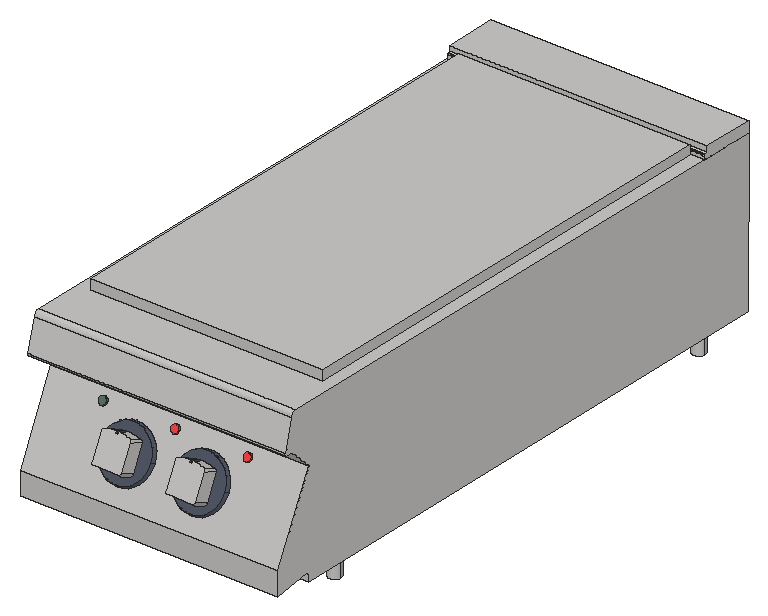
Revit family "QF_ZANUSSI_392046_Z9HOED2000", category Specialty Equipment, Revit 2018
Family settings
  Round Connector Dimension = Use Diameter
  Part Type = Normal
  Work Plane-Based = No
  Always vertical = Yes
  Cut with Voids When Loaded = No
  Shared = No
  Room Calculation Point = No
Parameters
  Width = 400 mm  # constant formula
  Weight in Pounds = 60  # constant formula
  Weight = 0.00 kg
  Watts = 7000 W  # constant formula
  Volts = 400 V  # constant formula
  URL Manufacturer = "http://www.zanussiprofessional.com"
  URL Cutsheet = "www.electrolux.com/foodservice"
  URL = "http://www.zanussiprofessional.com"
  Type Mark [instance] = ""
  Steam Supply Size = 0"
  Steam Supply Minimum Pressure = 0.00 psi
  Steam Supply Maximum Pressure = 0.00 psi
  Steam Pounds per Hour = 0
  Status [instance] = ""
  Specification by User [instance] = ""
  Specification by Manufacturer = ""
  Show Logo [instance] = yes
  Show Clearance [instance] = yes
  Serial Number = ""
  Seismic Rating = ""
  SMACNA No = ""
  Revision Code [instance] = ""
  Refrigeration Suction Line Size = 0"
  Refrigeration Liquid Line Size = 0"
  Refrigerant Compressor Remote = yes
  Phase = 3  # constant formula
  Omniclass Number and Title = ""
  Number of Poles [instance] = 1
  NAFEM Spec ID Number = ""
  Model = "Z9HOED2000"
  Min Ckt Ampacity = 0 A
  Max Overcurrent Protection = 0 A
  Masterspec = ""
  Manufacturer = "Zanussi"
  Length Actual = 400 mm  # constant formula
  Item Number [instance] = "392046"
  Installed By [instance] = ""
  Identify Quantity as Lot [instance] = yes
  Hot Water Size = 0"
  Height Actual = 250 mm  # constant formula
  Height = 290 mm  # constant formula
  HP = "9.4 HP"
  Gas Size = 0"
  Gas KW = 0
  Gas Input = 0.0 Btu/h
  Furnished By [instance] = ""
  Foodservice Equipment Identifier [instance] = yes
  FL Amps = if(Phase = 3, Watts / (Volts * 1.73), Watts / Volts)  # 10.1156 A
  Electrical Remarks [instance] = "400 V/3N ph/50/60 Hz"  # constant formula
  Electric Connection Type [instance] = ""
  Elec Conn RI Height [instance] = 0 mm
  Elec Conn Connection Height [instance] = 0 mm
  Direct Waste Size = 0"
  Description = "ELECTRIC HOB COOKING TOP 400MM"
  Depth Actual = 900 mm  # constant formula
  Depth = 915 mm  # constant formula
  Cycle = if([60 Hertz Option], 60 Hz, 50 Hz)  # 60 Hz
  Conn Plug = ""
  Conn Conduit = yes
  Condensate Return Size = 0"
  Compressed Air Volume = 0 GPM
  Compressed Air Size = 0"
  Compressed Air Pressure = 0.00 psi
  Cold Water Size = 0"
  CSI MasterFormat = ""
  CSI Master Format = ""
  Base Height [instance] = 24 mm  # constant formula
  Apparent Power = if(Phase = 3, Volts * FL Amps * 1.73, Volts * FL Amps)  # 7000 VA
  Accessory = yes
  60 Hertz Option = not([50 Hertz Option])  # yes
  50 Hertz Option = no
Reference planes
  plane 1 "BACK": y = 0
  plane 2: z = 0
  plane 3 "LEFT": x = 0
  plane 4 "RIGHT": x = 400
  plane 5 "FRONT": y = -915
  plane 6 "TOP": z = 290
  plane 7 "Center Y": x = 200
  plane 8 "Center X": y = -457.5
  plane 9 "BASE": z = 24
  plane 10 "TOP A": z = 274
  plane 11: y = -790
  plane 12: y = -82
  plane 13: z = 55
  plane 14: y = 39
  plane 15: y = -900
Forms (mm)
  Extrusion 1, solid, material "QF_Finishes_Stainless Steel"
    sketch origin (0, 0, 0) x (0, 1, 0) y (0, 0, 1)
      loop
        line (0, 24) -> (0, 274) -> (-879.358, 274)
        arc (-879.358, 274) -> (-884.643, 271.811) -> (-886.833, 266.526) r 7.474
        line (-886.833, 266.526) -> (-899.884, 221.011)
        arc (-899.884, 221.011) -> (-899.396, 218.379) -> (-897, 217.184) r 3
        line (-897, 217.184) -> (-886.802, 217.184) -> (-854.982, 185.364) -> (-915, 64.508) -> (-915, 29.508) -> (-858.645, 37.428)
        arc (-858.645, 37.428) -> (-856.101, 36.674) -> (-855, 34.259) r 3.2
        line (-855, 34.259) -> (-855, 24) -> (0, 24)
    from 0 to 400
  Extrusion 2, solid, material "QF_Finishes_Stainless Steel"
    sketch origin (0, 0, 0) x (1, 0, 0) y (0, 1, 0)
      loop
        circle (11.112, -82) r 9.525
      loop
        circle (388.887, -82) r 9.525
      loop
        circle (11.112, -790) r 9.525
      loop
        circle (388.887, -790) r 9.525
    from 0 to 24
  Extrusion 3, solid, material "QF_Clearances", visible <- "Show Clearance", detail levels coarse
    sketch origin (0, 0, 0) x (1, 0, 0) y (0, 1, 0)
      loop
        line (0, -915) -> (0, 0) -> (400, 0) -> (400, -915) -> (550.019, -915) -> (550.019, 150.019) -> (-150.019, 150.019) -> (-150.019, -915) -> (0, -915)
    from 0 to 290
  Extrusion 4, solid, material "QF_Finishes_Stainless Steel"
    sketch origin (800, 0, 0) x (0, 1, 0) y (0, 0, 1)
      loop
        line (0, 290) -> (-80, 290) -> (-80, 282.447)
        arc (-80, 282.447) -> (-80.635, 280.914) -> (-82.167, 280.279) r 2.167
        line (-82.167, 280.279) -> (-83.733, 280.279)
        arc (-83.733, 280.279) -> (-84.629, 279.908) -> (-85, 279.012) r 1.267
        line (-85, 279.012) -> (-85, 274) -> (0, 274) -> (0, 290)
    from -800 to -400
  Revolve 5, solid, material "QF_Finishes_Stainless Steel"
    sketch origin (340, 0, 0) x (0, 1, 0) y (0, 0, 1)
      loop
        line (0, 55) -> (39, 55) -> (39, 71.995) -> (5, 71.995) -> (5, 65) -> (0, 65) -> (0, 55)
      axis (39, 55) -> (0, 55)
    angle from 0 to 360
  Extrusion 6, solid, material "QF_Finishes_Stainless Steel"
    sketch origin (0, 0, 274) x (0, -1, 0) y (1, 0, 0)
      loop
        line (88, 20) -> (803, 20) -> (803, 380) -> (88, 380) -> (88, 20)
    from 0 to 15
  Blend 7, solid, material "QF_Finishes_Navy Blue"
    base sketch origin (142.5, -884.991, 124.936) x (1, 0, 0) y (0, 0.444781, 0.895639)
      loop
        circle (0, 0) r 42.5
    top sketch origin (142.5, -884.991, 124.936) x (1, 0, 0) y (0, 0.444781, 0.895639)
      loop
        circle (0, 0) r 40.5
    from 0 to 5
  Extrusion 8, solid, material "QF_Finishes_Stainless Steel"
    sketch origin (142.5, -884.991, 124.936) x (1, 0, 0) y (0, 0.444781, 0.895639)
      loop
        arc (-21.147, 22.789) -> (-22.494, 21.685) -> (-23, 20.019) r 2.997
        line (-23, 20.019) -> (-23, -20.019)
        arc (-23, -20.019) -> (-22.122, -22.138) -> (-20.003, -23.016) r 2.997
        line (-20.003, -23.016) -> (20.003, -23.016)
        arc (20.003, -23.016) -> (22.122, -22.138) -> (23, -20.019) r 2.997
        line (23, -20.019) -> (23, 20.019)
        arc (23, 20.019) -> (22.494, 21.685) -> (21.147, 22.789) r 2.997
        arc (21.147, 22.789) -> (0, 26.984) -> (-21.147, 22.789) r 55.4
    from 10 to 34
  Extrusion 9, solid, material "QF_Plastic-Black-Matte"
    sketch origin (200, -884.991, 124.936) x (0, 0.444781, 0.895639) y (0, -0.895639, 0.444781)
      loop
        line (26.984, 34) -> (26.984, 19) -> (27.984, 19) -> (27.984, 34)
        arc (27.984, 34) -> (27.691, 34.707) -> (26.984, 35) r 1
        line (26.984, 35) -> (23.984, 35) -> (23.984, 34) -> (26.984, 34)
    from -58.5 to -56.5
  Extrusion 10, solid, material "QF_Finishes_DarkGreen"
    sketch origin (142.5, -862.752, 169.718) x (1, 0, 0) y (0, 0.444781, 0.895639)
      loop
        circle (-55.001, 0) r 6
    from 0 to 1.6
  Extrusion 11, solid, material "QF_Finishes_Stainless Steel"
    sketch origin (142.5, -884.991, 124.936) x (1, 0, 0) y (0, 0.444781, 0.895639)
      loop
        line (17.5, 17.5) -> (-17.5, 17.5) -> (-17.5, -17.5) -> (17.5, -17.5) -> (17.5, 17.5)
    from 5 to 10
  Blend 12, solid, material "QF_Finishes_Navy Blue"
    base sketch origin (257.5, -884.991, 124.936) x (1, 0, 0) y (0, 0.444781, 0.895639)
      loop
        circle (0, 0) r 42.5
    top sketch origin (257.5, -884.991, 124.936) x (1, 0, 0) y (0, 0.444781, 0.895639)
      loop
        circle (0, 0) r 40.5
    from 0 to 5
  Extrusion 13, solid, material "QF_Finishes_Stainless Steel"
    sketch origin (257.5, -884.991, 124.936) x (1, 0, 0) y (0, 0.444781, 0.895639)
      loop
        arc (-21.147, 22.789) -> (-22.494, 21.685) -> (-23, 20.019) r 2.997
        line (-23, 20.019) -> (-23, -20.019)
        arc (-23, -20.019) -> (-22.122, -22.138) -> (-20.003, -23.016) r 2.997
        line (-20.003, -23.016) -> (20.003, -23.016)
        arc (20.003, -23.016) -> (22.122, -22.138) -> (23, -20.019) r 2.997
        line (23, -20.019) -> (23, 20.019)
        arc (23, 20.019) -> (22.494, 21.685) -> (21.147, 22.789) r 2.997
        arc (21.147, 22.789) -> (0, 26.984) -> (-21.147, 22.789) r 55.4
    from 10 to 34
  Extrusion 14, solid, material "QF_Finishes_Stainless Steel"
    sketch origin (257.5, -884.991, 124.936) x (1, 0, 0) y (0, 0.444781, 0.895639)
      loop
        line (17.5, 17.5) -> (-17.5, 17.5) -> (-17.5, -17.5) -> (17.5, -17.5) -> (17.5, 17.5)
    from 5 to 10
  Extrusion 15, solid, material "QF_Plastic-Black-Matte"
    sketch origin (200, -884.991, 124.936) x (0, 0.444781, 0.895639) y (0, 0.895639, -0.444781)
      loop
        line (26.984, -34) -> (23.984, -34) -> (23.984, -35) -> (26.984, -35)
        arc (26.984, -35) -> (27.691, -34.707) -> (27.984, -34) r 1
        line (27.984, -34) -> (27.984, -19) -> (26.984, -19) -> (26.984, -34)
    from -58.5 to -56.5
  Extrusion 16, solid, material "QF_Finishes_Red"
    sketch origin (255.001, -862.752, 169.718) x (1, 0, 0) y (0, 0.444781, 0.895639)
      loop
        circle (-55.001, 0) r 6
    from 0 to 1.6
  Extrusion 17, solid, material "QF_Finishes_Red"
    sketch origin (257.5, -862.752, 169.718) x (-1, 0, 0) y (0, -0.444781, -0.895639)
      loop
        circle (-55.001, 0) r 6
    from 0 to 1.6
Lines and regions (mm)
  Split face 1
    outline origin (142.401, -889.469, 127.16) x (1, 0, 0) y (0, 0.444781, 0.895639)
      loop
        line (-8.901, 38.561) -> (-8.901, 28.561) -> (-2.901, 28.561) -> (-2.901, 38.561) -> (-8.901, 38.561)
  Split face 2
    outline origin (142.401, -889.469, 127.16) x (1, 0, 0) y (0, 0.444781, 0.895639)
      loop
        line (-8.401, 38.061) -> (-8.401, 29.061) -> (-3.401, 29.061) -> (-3.401, 38.061) -> (-8.401, 38.061)
  Split face 3
    outline origin (142.401, -889.469, 127.16) x (1, 0, 0) y (0, 0.444781, 0.895639)
      loop
        line (-8.401, 34.061) -> (-3.401, 34.061)
  Split face 4
    outline origin (142.401, -889.469, 127.16) x (1, 0, 0) y (0, 0.444781, 0.895639)
      loop
        line (-8.401, 33.561) -> (-3.401, 33.561)
  Split face 5
    outline origin (142.401, -889.469, 127.16) x (1, 0, 0) y (0, 0.444781, 0.895639)
      loop
        circle (-5.901, 31.311) r 2.029
  Split face 6
    outline origin (142.5, -889.469, 127.16) x (0, -0.444781, -0.895639) y (1, 0, 0)
      loop
        circle (-34, 0) r 1.5
  Split face 7
    outline origin (257.5, -889.469, 127.16) x (0, -0.444781, -0.895639) y (1, 0, 0)
      loop
        circle (-34, 0) r 1.5
  Split face 8
    outline origin (251.5, -889.469, 127.16) x (1, 0, 0) y (0, 0.444781, 0.895639)
      loop
        line (-3, 38.561) -> (-3, 28.561) -> (3, 28.561) -> (3, 38.561) -> (-3, 38.561)
  Split face 9
    outline origin (251.5, -889.469, 127.16) x (1, 0, 0) y (0, 0.444781, 0.895639)
      loop
        line (-2.5, 38.061) -> (-2.5, 29.061) -> (2.5, 29.061) -> (2.5, 38.061) -> (-2.5, 38.061)
  Split face 10
    outline origin (251.5, -889.469, 127.16) x (1, 0, 0) y (0, 0.444781, 0.895639)
      loop
        line (-2.5, 33.561) -> (2.5, 33.561)
  Split face 11
    outline origin (251.5, -889.469, 127.16) x (1, 0, 0) y (0, 0.444781, 0.895639)
      loop
        line (-2.5, 33.061) -> (2.5, 33.061)
  Split face 12
    outline origin (251.5, -889.469, 127.16) x (1, 0, 0) y (0, 0.444781, 0.895639)
      loop
        circle (0, 35.811) r 2.031
  Split face 13
    outline origin (142.5, -889.469, 127.16) x (0.5, 0.385192, 0.775646) y (-0.866025, 0.222391, 0.44782)
      loop
        circle (-34, 0) r 1.5
  Split face 14
    outline origin (142.5, -889.469, 127.16) x (0.766044, -0.2859, -0.575706) y (0.642788, 0.340722, 0.686099)
      loop
        circle (-34, 0) r 1.5
  Split face 15
    outline origin (142.5, -889.469, 127.16) x (0.984808, 0.077235, 0.155526) y (-0.173648, 0.438024, 0.882032)
      loop
        circle (-34, 0) r 1.5
  Split face 16
    outline origin (142.5, -889.469, 127.16) x (0.984808, 0.077235, 0.155526) y (0.173648, -0.438024, -0.882032)
      loop
        circle (31.95, 11.629) r 1.5
  Split face 17
    outline origin (142.5, -889.469, 127.16) x (-0.5, 0.385192, 0.775646) y (0.866025, 0.222391, 0.44782)
      loop
        circle (-34, 0) r 1.5
  Split face 18
    outline origin (142.5, -889.469, 127.16) x (-0.766044, -0.2859, -0.575706) y (-0.642788, 0.340722, 0.686099)
      loop
        circle (-34, 0) r 1.5
  Split face 19
    outline origin (257.5, -889.469, 127.16) x (0.5, 0.385192, 0.775646) y (-0.866025, 0.222391, 0.44782)
      loop
        circle (-34, 0) r 1.5
  Split face 20
    outline origin (257.5, -889.469, 127.16) x (0.766044, -0.2859, -0.575706) y (0.642788, 0.340722, 0.686099)
      loop
        circle (-34, 0) r 1.5
  Split face 21
    outline origin (257.5, -889.469, 127.16) x (0.984808, 0.077235, 0.155526) y (-0.173648, 0.438024, 0.882032)
      loop
        circle (-34, 0) r 1.5
  Split face 22
    outline origin (257.5, -889.469, 127.16) x (-0.5, 0.385192, 0.775646) y (0.866025, 0.222391, 0.44782)
      loop
        circle (-34, 0) r 1.5
  Split face 23
    outline origin (257.5, -889.469, 127.16) x (-0.766044, -0.2859, -0.575706) y (-0.642788, 0.340722, 0.686099)
      loop
        circle (-34, 0) r 1.5
  Split face 24
    outline origin (257.5, -889.469, 127.16) x (-0.984808, 0.077235, 0.155526) y (0.173648, 0.438024, 0.882032)
      loop
        circle (-34, 0) r 1.5
  symbolic lines, style "QF_Clearances", visible <- "Show Clearance", detail levels coarse
    curve 1: line (-150.019, 150.019, 274) -> (-150.019, -916.377, 274)
    curve 2: line (550.019, 150.019, 274) -> (-150.019, 150.019, 274)
    curve 3: line (550.019, -916.377, 274) -> (550.019, 150.019, 274)
  symbolic lines
    curve 4: line (0, 0, 274) -> (400, 0, 274)
    curve 5: line (0, -915, 274) -> (0, 0, 274)
    curve 6: line (400, 0, 274) -> (400, -915, 274)
    curve 7: line (20, -803, 268.65) -> (20, -88, 268.65)
    curve 8: line (20, -88, 268.65) -> (380, -88, 268.65)
    curve 9: line (380, -88, 268.65) -> (380, -803, 268.65)
    curve 10: line (380, -803, 268.65) -> (20, -803, 268.65)
    curve 11: line (0, -85, 268.65) -> (400, -85, 268.65)
    curve 12: line (0, -80, 268.65) -> (400, -80, 268.65)
    curve 13: line (0, -900, 0) -> (400, -900, 0)
    curve 14: line (119.5, -900, 0) -> (119.5, -924.347, 0)
    curve 15: arc (119.5, -924.347, 0) -> (119.646, -924.811, 0) -> (120.032, -925.107, 0) r 0.809
    curve 16: arc (120.032, -925.107, 0) -> (121.22, -925.587, 0) -> (122.497, -925.68, 0) r 4.127
    curve 17: arc (119.5, -904.292, 0) -> (114.459, -902.458, 0) -> (109.691, -900, 0) r 42.24
    curve 18: arc (119.5, -906.539, 0) -> (120.002, -905.818, 0) -> (120.799, -905.448, 0) r 1.682
    curve 19: arc (120.799, -905.448, 0) -> (131.102, -903.95, 0) -> (141.5, -903.441, 0) r 109.079
    curve 20: line (141.5, -900, 0) -> (141.5, -905.671, 0)
    curve 21: line (141.5, -905.671, 0) -> (143.5, -905.671, 0)
    curve 22: line (143.5, -905.671, 0) -> (143.5, -900, 0)
    curve 23: line (165.5, -900, 0) -> (165.5, -924.347, 0)
    curve 24: arc (165.5, -924.347, 0) -> (165.354, -924.811, 0) -> (164.968, -925.107, 0) r 0.809
    curve 25: arc (164.968, -925.107, 0) -> (163.78, -925.587, 0) -> (162.503, -925.68, 0) r 4.127
    curve 26: arc (165.5, -904.292, 0) -> (170.541, -902.458, 0) -> (175.309, -900, 0) r 42.24
    curve 27: arc (165.5, -906.539, 0) -> (164.998, -905.818, 0) -> (164.201, -905.448, 0) r 1.682
    curve 28: arc (164.201, -905.448, 0) -> (153.898, -903.95, 0) -> (143.5, -903.441, 0) r 109.079
    curve 29: line (122.497, -925.68, 0) -> (162.503, -925.68, 0)
    curve 30: line (280.5, -900, 0) -> (280.5, -924.347, 0)
    curve 31: arc (280.5, -924.347, 0) -> (280.354, -924.811, 0) -> (279.968, -925.107, 0) r 0.809
    curve 32: arc (279.968, -925.107, 0) -> (278.78, -925.587, 0) -> (277.503, -925.68, 0) r 4.127
    curve 33: arc (280.5, -904.292, 0) -> (285.541, -902.458, 0) -> (290.309, -900, 0) r 42.24
    curve 34: arc (280.5, -906.539, 0) -> (279.998, -905.818, 0) -> (279.201, -905.448, 0) r 1.682
    curve 35: arc (279.201, -905.448, 0) -> (268.898, -903.95, 0) -> (258.5, -903.441, 0) r 109.079
    curve 36: line (258.5, -900, 0) -> (258.5, -905.671, 0)
    curve 37: line (258.5, -905.671, 0) -> (256.5, -905.671, 0)
    curve 38: line (256.5, -905.671, 0) -> (256.5, -900, 0)
    curve 39: line (234.5, -900, 0) -> (234.5, -924.347, 0)
    curve 40: arc (234.5, -924.347, 0) -> (234.646, -924.811, 0) -> (235.032, -925.107, 0) r 0.809
    curve 41: arc (235.032, -925.107, 0) -> (236.22, -925.587, 0) -> (237.497, -925.68, 0) r 4.127
    curve 42: arc (234.5, -904.292, 0) -> (229.459, -902.458, 0) -> (224.691, -900, 0) r 42.24
    curve 43: arc (234.5, -906.539, 0) -> (235.002, -905.818, 0) -> (235.799, -905.448, 0) r 1.682
    curve 44: arc (235.799, -905.448, 0) -> (246.102, -903.95, 0) -> (256.5, -903.441, 0) r 109.079
    curve 45: line (277.503, -925.68, 0) -> (237.497, -925.68, 0)
    curve 46: line (165.5, -915, 0) -> (234.5, -915, 0)
    curve 47: line (0, -915, 0) -> (119.5, -915, 0)
    curve 48: line (280.5, -915, 0) -> (400, -915, 0)
Dimensions and locks
  equal spacing: plane 3 "LEFT", plane 7 "Center Y", plane 4 "RIGHT"
  "Width": plane 3 "LEFT" to plane 4 "RIGHT"
  equal spacing: plane 5 "FRONT", plane 8 "Center X", plane 1 "BACK"
  "Depth": plane 5 "FRONT" to plane 1 "BACK"
  "Height": plane 6 "TOP" to level
  "Base Height": plane 9 "BASE" to level
  plane 1 "BACK" to plane 5 "FRONT" = 915 mm
  plane 10 "TOP A" to plane 9 "BASE" = 250 mm  (x3)
  plane 1 "BACK" to plane 12 = 82 mm
  locked: plane 12 to plane 11 at 708
  plane 6 "TOP" to level = 290 mm
  plane 9 "BASE" to level = 24 mm
  plane 12 to plane 1 "BACK" = 82 mm
  plane 11 to plane 12 = 708 mm
  plane 6 "TOP" to plane 2 = 290 mm
  Extrusion 2 sketch curve to plane 1 "BACK" = 82 mm
  Extrusion 2 sketch curve to plane 12 = 708 mm
  plane 13 to plane 2 = 55 mm
  plane 14 to plane 1 "BACK" = 39 mm
  Extrusion 6 sketch curve to plane 1 "BACK" = 88 mm
  Extrusion 6 sketch curve to Extrusion 6 sketch curve = 715 mm
  plane 6 "TOP" to plane 10 "TOP A" = 16 mm
  plane 9 "BASE" to plane 2 = 24 mm
  plane 5 "FRONT" to plane 15 = 15 mm
  aligned and locked: level to plane 2
Automatic sketch dimensions
  plane 1 "BACK" to curve 4 = 0 mm
  curve 4 to plane 4 "RIGHT" = 0 mm
  curve 4 to plane 3 "LEFT" = 0 mm
  plane 5 "FRONT" to curve 6 = 0 mm
  plane 5 "FRONT" to curve 5 = 0 mm
  plane 4 "RIGHT" to curve 3 = 150.019 mm
  curve 1 to plane 3 "LEFT" = 150.019 mm
  plane 14 to curve 1 = 111.019 mm
  plane 5 "FRONT" to curve 1 = 1.377 mm
  plane 5 "FRONT" to curve 3 = 1.377 mm
  Extrusion 1 sketch curve to plane 5 "FRONT" = 0 mm
  Extrusion 1 sketch curve to plane 10 "TOP A" = 0 mm
  Extrusion 1 sketch curve to plane 9 "BASE" = 0 mm
  Extrusion 1 sketch curve to plane 1 "BACK" = 0 mm
  plane 15 to Extrusion 1 sketch curve = 0.116 mm
  Extrusion 1 sketch curve to Extrusion 1 sketch curve = 2.884 mm
  Extrusion 1 sketch curve to plane 10 "TOP A" = 7.474 mm
  plane 15 to Extrusion 1 sketch curve = 13.167 mm
  Extrusion 1 sketch curve to Extrusion 1 sketch curve = 10.198 mm
  plane 9 "BASE" to Extrusion 1 sketch curve = 13.428 mm
  plane 15 to Extrusion 1 sketch curve = 41.355 mm
  Extrusion 1 sketch curve to Extrusion 1 sketch curve = 0.445 mm
  Extrusion 1 sketch curve to Extrusion 1 sketch curve = 3.2 mm
  Extrusion 1 sketch curve to Extrusion 1 sketch curve = 31.82 mm  (x2)
  plane 9 "BASE" to Extrusion 1 sketch curve = 5.508 mm
  plane 13 to Extrusion 1 sketch curve = 9.508 mm
  Extrusion 1 sketch curve to Extrusion 1 sketch curve = 81.162 mm
  Extrusion 1 sketch curve to Extrusion 1 sketch curve = 3 mm
  plane 11 to Extrusion 2 sketch curve = 0 mm
  plane 12 to Extrusion 2 sketch curve = 0 mm
  plane 3 "LEFT" to Extrusion 2 sketch curve = 11.112 mm  (x2)
  Extrusion 2 sketch curve to plane 4 "RIGHT" = 11.113 mm  (x2)
  plane 5 "FRONT" to Extrusion 3 sketch curve = 0 mm  (x2)
  Extrusion 3 sketch curve to plane 3 "LEFT" = 0 mm
  plane 1 "BACK" to Extrusion 3 sketch curve = 0 mm
  Extrusion 3 sketch curve to plane 4 "RIGHT" = 0 mm
  Extrusion 3 sketch curve to plane 3 "LEFT" = 150.019 mm
  plane 4 "RIGHT" to Extrusion 3 sketch curve = 150.019 mm
  plane 14 to Extrusion 3 sketch curve = 111.019 mm
  curve 11 to plane 4 "RIGHT" = 0 mm
  curve 12 to plane 4 "RIGHT" = 0 mm
  curve 12 to plane 3 "LEFT" = 0 mm
  curve 11 to plane 3 "LEFT" = 0 mm
  curve 10 to plane 4 "RIGHT" = 20 mm
  plane 3 "LEFT" to curve 10 = 20 mm
  plane 12 to curve 7 = 6 mm
  plane 11 to curve 10 = 13 mm
  plane 12 to curve 11 = 3 mm
  curve 12 to plane 12 = 2 mm
  Extrusion 4 sketch curve to plane 10 "TOP A" = 0 mm
  Extrusion 4 sketch curve to plane 6 "TOP" = 0 mm
  Extrusion 4 sketch curve to plane 1 "BACK" = 0 mm
  Extrusion 4 sketch curve to plane 12 = 2 mm
  plane 12 to Extrusion 4 sketch curve = 0.167 mm
  Extrusion 4 sketch curve to Extrusion 4 sketch curve = 1.566 mm
  plane 12 to Extrusion 4 sketch curve = 3 mm
  plane 10 "TOP A" to Extrusion 4 sketch curve = 5.012 mm
  Revolve 5 sketch curve to plane 13 = 0 mm  (x2)
  Revolve 5 sketch curve to plane 1 "BACK" = 0 mm
  Revolve 5 sketch curve to plane 14 = 0 mm
  Revolve 5 sketch curve to plane 1 "BACK" = 5 mm
  plane 13 to Revolve 5 sketch curve = 10 mm
  Revolve 5 sketch curve to Revolve 5 sketch curve = 6.995 mm
  plane 1 "BACK" to Revolve 5 sketch curve = 15 mm
  Revolve 5 sketch curve to Revolve 5 sketch curve = 15 mm
  plane 3 "LEFT" to Extrusion 6 sketch curve = 20 mm
  Extrusion 6 sketch curve to plane 4 "RIGHT" = 20 mm
  Blend 7 sketch curve to plane 7 "Center Y" = 57.5 mm  (x2)
  Extrusion 8 sketch curve to plane 7 "Center Y" = 80.5 mm
  Extrusion 8 sketch curve to Extrusion 8 sketch curve = 2.997 mm  (x3)
  Extrusion 8 sketch curve to Extrusion 8 sketch curve = 20.003 mm  (x2)
  Extrusion 8 sketch curve to plane 7 "Center Y" = 37.497 mm
  Extrusion 8 sketch curve to Extrusion 8 sketch curve = 5.399 mm
  Extrusion 8 sketch curve to Extrusion 8 sketch curve = 40.037 mm
  Extrusion 8 sketch curve to Extrusion 8 sketch curve = 0 mm  (x2)
  Extrusion 9 sketch curve to plane 15 = 5.671 mm
  plane 13 to Extrusion 9 sketch curve = 106.984 mm
  Extrusion 9 sketch curve to Extrusion 9 sketch curve = 3 mm
  Extrusion 9 sketch curve to Extrusion 9 sketch curve = 0 mm  (x2)
  Extrusion 9 sketch curve to Extrusion 9 sketch curve = 1 mm
  Extrusion 9 sketch curve to Extrusion 9 sketch curve = 15 mm
  plane 3 "LEFT" to Extrusion 10 sketch curve = 87.499 mm
  Extrusion 11 sketch curve to plane 7 "Center Y" = 75 mm
  Extrusion 11 sketch curve to Extrusion 11 sketch curve = 35 mm  (x2)
  Split face 1 sketch curve to Split face 1 sketch curve = 6 mm
  Split face 1 sketch curve to Split face 1 sketch curve = 10 mm
  Split face 2 sketch curve to Split face 2 sketch curve = 5 mm
  Split face 2 sketch curve to Split face 2 sketch curve = 9 mm
  Split face 3 sketch curve to Split face 3 sketch curve = 5 mm
  Split face 4 sketch curve to Split face 4 sketch curve = 5 mm
  plane 7 "Center Y" to Blend 12 sketch curve = 57.5 mm  (x2)
  plane 7 "Center Y" to Extrusion 13 sketch curve = 34.5 mm
  Extrusion 13 sketch curve to Extrusion 13 sketch curve = 2.997 mm  (x3)
  Extrusion 13 sketch curve to Extrusion 13 sketch curve = 20.003 mm  (x2)
  Extrusion 13 sketch curve to Extrusion 13 sketch curve = 40.005 mm
  Extrusion 13 sketch curve to Extrusion 13 sketch curve = 5.399 mm
  Extrusion 13 sketch curve to Extrusion 13 sketch curve = 40.037 mm
  Extrusion 13 sketch curve to Extrusion 13 sketch curve = 0 mm  (x2)
  plane 7 "Center Y" to Extrusion 14 sketch curve = 40 mm
  Extrusion 14 sketch curve to Extrusion 14 sketch curve = 35 mm  (x2)
  Split face 8 sketch curve to Split face 8 sketch curve = 6 mm
  Split face 8 sketch curve to Split face 8 sketch curve = 10 mm
  Split face 9 sketch curve to Split face 9 sketch curve = 5 mm
  Split face 9 sketch curve to Split face 9 sketch curve = 9 mm
  Split face 10 sketch curve to Split face 10 sketch curve = 5 mm
  Split face 11 sketch curve to Split face 11 sketch curve = 5 mm
  Extrusion 15 sketch curve to plane 15 = 5.671 mm
  plane 13 to Extrusion 15 sketch curve = 106.984 mm
  Extrusion 15 sketch curve to Extrusion 15 sketch curve = 3 mm
  Extrusion 15 sketch curve to Extrusion 15 sketch curve = 0 mm
  Extrusion 15 sketch curve to Extrusion 15 sketch curve = 1 mm  (x2)
  Extrusion 15 sketch curve to Extrusion 15 sketch curve = 15 mm
  plane 7 "Center Y" to Extrusion 16 sketch curve = 0 mm
  Extrusion 17 sketch curve to plane 4 "RIGHT" = 87.499 mm
  curve 47 to plane 3 "LEFT" = 0 mm
  curve 13 to plane 3 "LEFT" = 0 mm
  curve 13 to plane 4 "RIGHT" = 0 mm
  curve 48 to plane 4 "RIGHT" = 0 mm
  curve 14 to plane 7 "Center Y" = 80.5 mm
  curve 15 to curve 15 = 0.809 mm
  curve 18 to curve 18 = 1.583 mm
  curve 15 to curve 16 = 1.846 mm
  curve 15 to curve 29 = 2.189 mm
  curve 17 to plane 5 "FRONT" = 51.239 mm
  curve 14 to curve 17 = 11.892 mm
  curve 18 to curve 20 = 20.417 mm
  curve 19 to plane 7 "Center Y" = 58.369 mm
  curve 19 to curve 28 = 1.738 mm
  curve 20 to curve 22 = 2 mm
  curve 17 to curve 26 = 22.215 mm
  curve 21 to curve 29 = 19.003 mm
  curve 25 to curve 25 = 0.343 mm
  curve 25 to curve 27 = 1.071 mm
  curve 25 to curve 24 = 2.189 mm
  curve 24 to curve 23 = 0.809 mm
  plane 7 "Center Y" to curve 39 = 34.5 mm
  curve 40 to curve 40 = 0.809 mm
  curve 43 to curve 43 = 1.583 mm
  curve 40 to curve 41 = 1.846 mm
  curve 40 to curve 45 = 2.189 mm
  curve 42 to plane 5 "FRONT" = 51.239 mm
  curve 39 to curve 42 = 11.892 mm
  curve 43 to curve 37 = 20.417 mm
  plane 7 "Center Y" to curve 44 = 56.631 mm
  curve 44 to curve 35 = 1.738 mm
  curve 37 to curve 36 = 2 mm
  curve 42 to curve 33 = 22.215 mm
  curve 36 to curve 45 = 19.003 mm
  curve 32 to curve 32 = 0.343 mm
  curve 32 to curve 34 = 1.071 mm
  curve 32 to curve 31 = 2.189 mm
  curve 31 to curve 30 = 0.809 mm
  curve 36 to curve 42 = 41.91 mm
  curve 21 to curve 17 = 41.91 mm
  curve 18 to curve 20 = 1.435 mm
  curve 27 to curve 21 = 1.435 mm
  curve 34 to curve 36 = 1.435 mm
  curve 43 to curve 37 = 1.435 mm
  curve 25 to curve 27 = 14.462 mm
  curve 16 to curve 18 = 14.462 mm
  curve 41 to curve 43 = 14.462 mm
  curve 32 to curve 34 = 14.462 mm
  curve 30 to curve 32 = 2.779 mm
  curve 14 to curve 16 = 2.779 mm
  curve 24 to curve 25 = 2.779 mm
  curve 39 to curve 41 = 2.779 mm
  curve 45 to curve 40 = 1.333 mm
  curve 29 to curve 24 = 1.333 mm
  curve 19 to curve 29 = 86.839 mm
  curve 35 to curve 45 = 86.839 mm
  curve 44 to curve 35 = 0 mm  (x2)
  curve 19 to curve 28 = 0 mm  (x2)
  curve 33 to plane 5 "FRONT" = 51.239 mm
  curve 26 to plane 5 "FRONT" = 51.239 mm
  curve 17 to curve 14 = 9.809 mm
  curve 18 to curve 18 = 0.284 mm
  curve 27 to curve 27 = 0.284 mm
  curve 23 to curve 26 = 9.809 mm
  curve 42 to curve 39 = 9.809 mm
  curve 44 to curve 43 = 0.284 mm
  curve 34 to curve 34 = 0.284 mm
  curve 30 to curve 33 = 9.809 mm
  curve 13 to plane 5 "FRONT" = 15 mm
  curve 20 to curve 19 = 2.23 mm
  curve 37 to curve 44 = 2.23 mm
  curve 25 to curve 46 = 6.567 mm
  curve 16 to curve 47 = 6.567 mm
  curve 48 to curve 13 = 15 mm
  radius of Extrusion 2 sketch curve = 9.525 mm  (x4)
  radius of Blend 7 sketch curve = 42.5 mm
  radius of Blend 7 sketch curve = 40.5 mm
  radius of Extrusion 10 sketch curve = 6 mm
  radius of Split face 5 sketch curve = 2.029 mm
  radius of Split face 6 sketch curve = 1.5 mm
  radius of Blend 12 sketch curve = 42.5 mm
  radius of Blend 12 sketch curve = 40.5 mm
  radius of Split face 7 sketch curve = 1.5 mm
  radius of Split face 12 sketch curve = 2.031 mm
  radius of Split face 13 sketch curve = 1.5 mm
  radius of Split face 14 sketch curve = 1.5 mm
  radius of Split face 15 sketch curve = 1.5 mm
  radius of Split face 16 sketch curve = 1.5 mm
  radius of Split face 17 sketch curve = 1.5 mm
  radius of Split face 18 sketch curve = 1.5 mm
  radius of Split face 19 sketch curve = 1.5 mm
  radius of Split face 20 sketch curve = 1.5 mm
  radius of Split face 21 sketch curve = 1.5 mm
  radius of Split face 22 sketch curve = 1.5 mm
  radius of Split face 23 sketch curve = 1.5 mm
  radius of Split face 24 sketch curve = 1.5 mm
  radius of Extrusion 16 sketch curve = 6 mm
  radius of Extrusion 17 sketch curve = 6 mm
Connectors
  electrical at (340, 39, 55), driven by "Volts", driven by "Watts"
    settings: on Revolve 5, index 1, voltage 400 V, apparent load 0 VA, apparent load phase1 7000 VA, apparent load phase2 0 VA, apparent load phase3 0 VA, power factor 1, load classification "Other", number of poles 1, system type 30, power factor state 1, is connector primary yes, connector utility no, sub classification motor no, connector description "ELECTRICAL CONNECTION"
